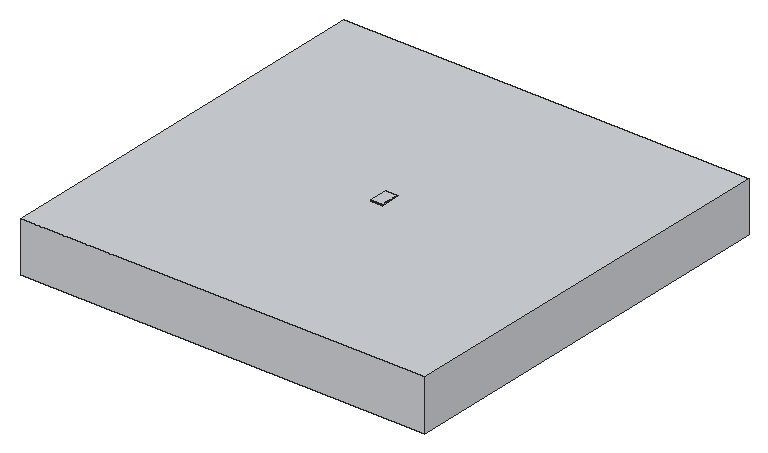
Revit family "M_Mini-sirene", category Dispositivos de alarme de incêndio, Revit 2019
Family settings
  Hospedeiro = Face
  Manter orientação da anotação = Sim
  Cota do conector redondo = Utilizar diâmetro
  Tipo de parte = Normal
  Número OmniClass = 23.85.30.21.11.17
  Título OmniClass = Other Components
  ID de item do Seek = Mini Horn-0000-CAN-ENU
  Corte com vazios quando carregada = Não
  Compartilhado = Não
  Ponto de cálculo do ambiente = Não
Parameters (values of type "Padrão")
  Material = none
  Elevação-padrão = 1200 mm
Reference planes
  plane 1 "Centro (Frente/Trás)": y = 0
  plane 2: z = 0
  plane 3 "Centro (Esquerda/Direita)": x = 0
  plane 4: x = -36.81
  plane 5: x = 36.81
  plane 6: y = 58.44
  plane 7: y = -58.44
  plane 8: z = 4.762
  plane 9: z = -53.975
  plane 10: y = 46.037
  plane 11: y = -46.038
  plane 12: x = -28.575
  plane 13: x = 28.575
Forms (mm)
  Extrusion 1, solid
    sketch origin (0, 0, 0) x (1, 0, 0) y (0, 1, 0)
      loop
        line (-1219.2, 1219.2) -> (-1219.2, -1219.2) -> (1219.2, -1219.2) -> (1219.2, 1219.2) -> (-1219.2, 1219.2)
    from 0 to -304.8
  Extrusion 2, solid, material <- "Material"
    sketch origin (0, 0, 0) x (1, 0, 0) y (0, 1, 0)
      loop
        line (-36.81, 58.44) -> (-36.81, -58.44) -> (36.81, -58.44) -> (36.81, 58.44) -> (-36.81, 58.44)
    from 0 to 4.762
  Extrusion 3, solid, material <- "Material"
    sketch origin (0, 0, 0) x (1, 0, 0) y (0, 1, 0)
      loop
        line (-28.575, 46.037) -> (-28.575, -46.038) -> (28.575, -46.038) -> (28.575, 46.037) -> (-28.575, 46.037)
    from 0 to -53.975
Cuts and joins
  joined: Extrusion 2, Extrusion 3
Lines and regions (mm)
  symbolic lines, detail levels fine
    curve 1: line (36.81, 0, 4.762) -> (-36.81, 0, 4.762)
    curve 2: line (-36.81, 0, 4.762) -> (-36.81, 0, 0)
    curve 3: line (-36.81, 0, 0) -> (36.81, 0, 0)
    curve 4: line (-28.575, 0, 0) -> (-28.575, 0, -53.975)
    curve 5: line (-28.575, 0, -53.975) -> (28.575, 0, -53.975)
    curve 6: line (28.575, 0, -53.975) -> (28.575, 0, 0)
    curve 7: line (36.81, 0, 0) -> (36.81, 0, 4.762)
Dimensions and locks
  equal spacing: plane 4, plane 3 "Centro (Esquerda/Direita)", plane 5
  equal spacing: plane 6, plane 1 "Centro (Frente/Trás)", plane 7
  locked: plane 8 to plane 2 at 4.762
  locked: plane 2 to plane 9 at 53.975
  equal spacing: plane 12, plane 3 "Centro (Esquerda/Direita)", plane 13
  equal spacing: plane 10, plane 1 "Centro (Frente/Trás)", plane 11
  locked: plane 12 to plane 13 at 57.15
  locked: plane 10 to plane 11 at 92.075
  locked: plane 6 to plane 7 at 116.88
  locked: plane 4 to plane 5 at 73.62
  aligned and locked: plane 2 to Extrusion 1
  aligned and locked: level to Extrusion 1
  aligned and locked: Extrusion 2 to plane 4
  aligned and locked: plane 5 to Extrusion 2
  aligned and locked: plane 6 to Extrusion 2
  aligned and locked: Extrusion 2 to plane 7
  aligned and locked: plane 8 to Extrusion 2
  aligned and locked: Extrusion 2 to plane 2
  aligned and locked: plane 2 to Extrusion 3
  aligned and locked: Extrusion 3 to plane 9
  aligned and locked: Extrusion 3 to plane 12
  aligned and locked: plane 13 to Extrusion 3
  aligned and locked: plane 10 to Extrusion 3
  aligned and locked: Extrusion 3 to plane 11
  aligned and locked: curve 1 to cut or joined group of Extrusion 2, Extrusion 3
  aligned and locked: curve 2 to cut or joined group of Extrusion 2, Extrusion 3
  aligned and locked: curve 3 to cut or joined group of Extrusion 2, Extrusion 3
  aligned and locked: curve 4 to cut or joined group of Extrusion 2, Extrusion 3
  aligned and locked: curve 5 to cut or joined group of Extrusion 2, Extrusion 3
  aligned and locked: curve 6 to cut or joined group of Extrusion 2, Extrusion 3
  aligned and locked: curve 7 to cut or joined group of Extrusion 2, Extrusion 3
  aligned and locked: plane 1 "Centro (Frente/Trás)" to nested 1
  aligned and locked: plane 3 "Centro (Esquerda/Direita)" to nested 1
Automatic sketch dimensions
  Extrusion 1 sketch curve to Extrusion 1 sketch curve = 2438.4 mm  (x2)
  plane 4 to Extrusion 2 sketch curve = 0 mm
  plane 3 "Centro (Esquerda/Direita)" to Extrusion 2 sketch curve = 36.81 mm
  plane 7 to Extrusion 2 sketch curve = 0 mm
  Extrusion 2 sketch curve to plane 1 "Centro (Frente/Trás)" = 58.44 mm
  Extrusion 3 sketch curve to plane 3 "Centro (Esquerda/Direita)" = 28.575 mm
  plane 3 "Centro (Esquerda/Direita)" to Extrusion 3 sketch curve = 28.575 mm
  plane 1 "Centro (Frente/Trás)" to Extrusion 3 sketch curve = 46.038 mm
  Extrusion 3 sketch curve to plane 6 = 12.402 mm
Nested families
  nested 1: "M_Anotação da sirene" at (0, 0, 0), type "Anotação da sirene", detail levels coarse+medium
Connectors
  electrical at (0, 46.037, -26.988)
    settings: on Extrusion 3, index 1, voltage 0 V, apparent load 0 VA, apparent load phase1 0 VA, apparent load phase2 0 VA, apparent load phase3 0 VA, power factor 1, load classification "Outros", number of poles 1, system type 11, power factor state 1, is connector primary yes, connector utility no, sub classification motor no, connector description ""
Definition of nested family "M_Anotação da sirene"
  Parameters
    Anotação de legenda = "M"
  Reference planes
    plane 1: y = 0
    plane 2: x = 0
  Lines and regions (mm)
    reference lines
      curve 1: line (-3.175, 30.805, 0) -> (-3.175, -4.716, 0)
      curve 2: line (0, 36.254, 0) -> (0, -4.716, 0)
      curve 3: line (-6.692, 3.175, 0) -> (10.404, 3.175, 0)
      curve 8: line (1.587, 6.294, 0) -> (1.587, -3.776, 0)
      curve 9: line (-9.871, 1.588, 0) -> (21.048, 1.588, 0)
      curve 10: line (-0.779, 2.778, 0) -> (8.542, 2.778, 0)
      curve 11: line (-1.116, 0.397, 0) -> (8.88, 0.397, 0)
    detail lines
      curve 4: line (-3.175, 3.175, 0) -> (0, 3.175, 0)
      curve 5: line (-3.175, 0, 0) -> (-3.175, 3.175, 0)
      curve 6: line (0, 0, 0) -> (-3.175, 0, 0)
      curve 7: line (0, 3.175, 0) -> (0, 0, 0)
      curve 12: line (1.587, 2.778, 0) -> (1.587, 0.397, 0)
      curve 13: line (0, 1.588, 0) -> (1.587, 2.778, 0)
      curve 14: line (0, 1.588, 0) -> (1.587, 0.397, 0)
  Text (mm)
    label "M" at (-3.017, 1.619, 0), shows "Anotação de legenda"
  Dimensions and locks
    locked: plane 1 to curve 3 at 3.175
    curve 2 to curve 8 = 1.588 mm
    locked: curve 1 to curve 2 at 3.175
    locked: curve 2 to plane 2 at 0
    locked: plane 1 to curve 9 at 1.588
    locked: curve 9 to curve 10 at 1.191
    locked: curve 11 to curve 9 at 1.191
    aligned and locked: curve 3 to curve 4
    aligned and locked: curve 2 to curve 7
    aligned and locked: curve 6 to plane 1
    aligned and locked: curve 5 to curve 1
    aligned and locked: curve 10 to curve 12
    aligned and locked: curve 11 to curve 12
    aligned and locked: curve 8 to curve 12
